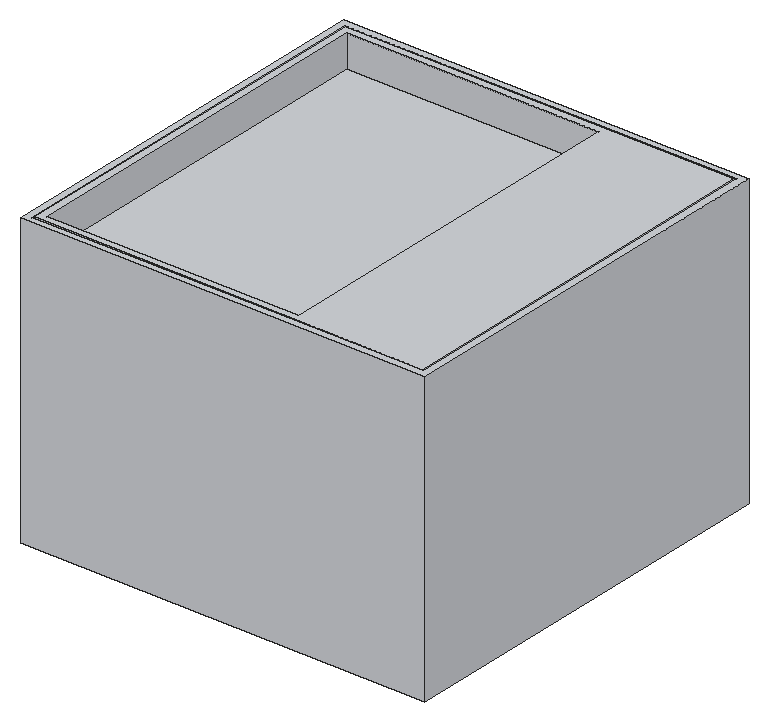
Revit family "ПИК ЭНЕРГО UKE Лючок простой, cерия BS, с выводом для кабеля UKE125 V", category Соединительные детали кабельных лотков, Revit 2015
Parameters (values of type "UKE125 15-V E")
  Спец.ТипМаркаОбозначДокументаСоединителяЛоткаКабельногоКанала = ""
  Спец.ПримечаниеСоединителяЛоткаКабельногоКанала [instance] = ""
  Спец.НаименованиеИТенхХарСоединителяЛоткаКабельногоКанала = "Лючок простой, cерия BS, с выводом для кабеля"  # constant formula
  Спец.МассаТекстСоединителяЛоткаКабельногоКанала = "1.74"
  Спец.КодОборудИзделияМатериалаСоединителяЛоткаКабельногоКанала = "UKE125 15-V E"
  Спец.ИзготовительСоединителяЛоткаКабельногоКанала = "ПИК-ЭНЕРГО"  # constant formula
  Спец.ЕдИзмСоединителяЛоткаКабельногоКанала = "шт."  # constant formula
  Спец.URLСсылкаСоединителяЛоткаКабельногоКанала = "http://www.pik-energo.ru/kompanija/produkcija/details/sistemy-skrytoi-provodki-pod-polom/montazhnye-ljuchki-dlja-zalivnykh-i-pustotnykh-polov/kompakteinzelauslass/uke125-v.html"
  Рзм.t = 2 mm
  Рзм.T = 12 mm
  Рзм.eb = 78 mm
  Рзм.el = 116 mm
  Рзм.L = 125 mm
  Рзм.Hmin = 90 mm
  Рзм.Hmax = Рзм.Hmin + 35 mm  # 125 mm
  Рзм.H = 15 mm
  Рзм.B = 125 mm
  Пр.НаименованиеСоединителяЛоткаКабельногоКанала = "Лючок простой четырёхугольный, из нержавеющей стали для монтажа двух модулей 45x45 мм и\r\nдвух слаботочных модулей"
  Default Elevation = 1219.2 mm
Types (3, lengths in mm): name | Спец.МассаТекстСоединителяЛоткаКабельногоКанала | Спец.КодОборудИзделияМатериалаСоединителяЛоткаКабельногоКанала | Рзм.T | Рзм.Hmin | Рзм.Hmax | Рзм.H | Пр.НаименованиеСоединителяЛоткаКабельногоКанала
  UKE125 15-V E | "1.74" | "UKE125 15-V E" | 12 | 90 | 125 | 15 | "Лючок простой четырёхугольный, из нержавеющей стали для монтажа двух модулей 45x45 мм и\r\nдвух слаботочных модулей"
  UKE125 25-V E | "1.93" | "UKE125 15-V E" | 22 | 100 | 135 | 25 | "Лючок простой четырёхугольный, из нержавеющей стали для монтажа двух модулей 45x45 мм и\r\nдвух слаботочных модулей"
  UKE125 25-V MS | "1.74" | "UKE125 25-V MS" | 22 | 100 | 135 | 25 | "Лючок простой четырёхугольный, из латуни для монтажа двух модулей 45x45 мм и\r\nдвух слаботочных модулей"
Reference planes
  plane 1 "По центру (Вперед/Назад)": y = 0
  plane 2: z = 0
  plane 3 "По центру (Влево/Вправо)": x = 0
  plane 4: z = 0
  plane 5: x = 62.5
  plane 6: x = -62.5
  plane 7: y = 62.5
  plane 8: y = -62.5
  plane 9: z = -12
  plane 10: z = -12
  plane 11: z = -2
  plane 12: z = -15
  plane 13: z = -90
  plane 14: z = -10
Forms (mm)
  Extrusion 1, solid, detail levels medium+fine
    sketch origin (0, 0, 0) x (1, 0, 0) y (0, 1, 0)
      loop
        line (-62.5, 62.5) -> (-62.5, -62.5) -> (62.5, -62.5) -> (62.5, 62.5) -> (-62.5, 62.5)
      loop
        line (-60.5, 60.5) -> (-60.5, -60.5) -> (60.5, -60.5) -> (60.5, 60.5) -> (-60.5, 60.5)
    from -90 to 0
  Extrusion 2, solid, detail levels medium+fine
    sketch origin (0, 0, 0) x (1, 0, 0) y (0, 1, 0)
      loop
        line (-58, 58) -> (-58, -58) -> (20, -58) -> (20, 58) -> (-58, 58)
    from -12 to -10
  Extrusion 3, solid, detail levels medium+fine
    sketch origin (0, 0, 0) x (1, 0, 0) y (0, 1, 0)
      loop
        line (-58, 58) -> (-58, -58) -> (20, -58) -> (20, 58) -> (-58, 58)
      loop
        line (-60, 60) -> (-60, -60) -> (22, -60) -> (22, 60) -> (-60, 60)
    from -12 to 0
  Extrusion 4, solid, detail levels medium+fine
    sketch origin (0, 0, 0) x (1, 0, 0) y (0, 1, 0)
      loop
        line (22, 60) -> (22, -60) -> (60, -60) -> (60, 60) -> (22, 60)
    from -2 to 0
Cuts and joins
  joined: Extrusion 2, Extrusion 3, Extrusion 4
Dimensions and locks
  equal spacing: plane 6, plane 3 "По центру (Влево/Вправо)", plane 5
  equal spacing: plane 7, plane 1 "По центру (Вперед/Назад)", plane 8
  "Рзм.L": plane 7 to plane 8
  "Рзм.B": plane 6 to plane 5
  locked: nested 1 to plane 3 "По центру (Влево/Вправо)" at 30
  locked: nested 1 to plane 1 "По центру (Вперед/Назад)" at 50
  "Рзм.Hmin": level to plane 13
  "Рзм.H": plane 4 to plane 12
  "Рзм.T": level to plane 10
  "Рзм.t": plane 14 to plane 10
  "Рзм.t": level to plane 11
  "Рзм.t": Extrusion 1 sketch curve to plane 5
  "Рзм.t": plane 6 to Extrusion 1 sketch curve
  "Рзм.t": Extrusion 1 sketch curve to plane 8
  "Рзм.t": plane 7 to Extrusion 1 sketch curve
  equal spacing: Extrusion 2 sketch curve, plane 1 "По центру (Вперед/Назад)", Extrusion 2 sketch curve
  "Рзм.el": Extrusion 2 sketch curve to Extrusion 2 sketch curve
  "Рзм.eb": Extrusion 2 sketch curve to Extrusion 2 sketch curve
  "Рзм.t": Extrusion 3 sketch curve to Extrusion 2  (x3)
  "Рзм.t": Extrusion 2 to Extrusion 3 sketch curve
  aligned and locked: level to plane 2
  aligned and locked: level to Extrusion 1
  aligned and locked: plane 9 to plane 10
  aligned and locked: Extrusion 1 to plane 13
  aligned and locked: Extrusion 3 sketch curve to Extrusion 2  (x4)
  aligned and locked: Extrusion 4 sketch curve to Extrusion 3  (x3)
  aligned and locked: Extrusion 4 to plane 11
  aligned and locked: level to Extrusion 4
  aligned and locked: level to Extrusion 3
  aligned and locked: Extrusion 2 to plane 9
  aligned and locked: Extrusion 2 to nested 1
Automatic sketch dimensions
  Extrusion 1 sketch curve to plane 6 = 0 mm
  Extrusion 1 sketch curve to plane 5 = 0 mm
  Extrusion 1 sketch curve to plane 8 = 0 mm
  Extrusion 1 sketch curve to plane 7 = 0 mm
  plane 6 to Extrusion 2 sketch curve = 4.5 mm
  Extrusion 4 sketch curve to plane 5 = 2.5 mm
Nested families
  nested 1: "ПИК ЭНЕРГО PUK" at (-30, -50, -10), type "PUK", detail levels medium+fine
Definition of nested family "ПИК ЭНЕРГО PUK"
  Parameters (values of type "PUK")
    Default Elevation = 1219.2 mm
  Reference planes
    plane 1 "По центру (Вперед/Назад)": y = 0
    plane 2: z = 0
    plane 3 "По центру (Влево/Вправо)": x = 0
    plane 4: z = 0
    plane 5: z = 0
  Forms (mm)
    Extrusion 1, solid
      sketch origin (-0.594, -4.158, 0) x (1, 0, 0) y (0, 1, 0)
        loop
          line (-6.763, 8.317) -> (-10.4, 8.317) -> (-10.4, 0) -> (-9.25, 0) -> (-9.25, 3.336) -> (-6.763, 3.336)
          arc (-6.763, 3.336) -> (-4.272, 5.826) -> (-6.763, 8.317) r 2.49
        loop
          line (-6.821, 7.259) -> (-9.25, 7.259) -> (-9.25, 4.36) -> (-6.821, 4.36)
          arc (-6.821, 4.36) -> (-5.372, 5.809) -> (-6.821, 7.259) r 1.449
        loop
          arc (-2.635, 3.229) -> (0.594, 0) -> (3.822, 3.229) r 3.229
          line (3.822, 3.229) -> (3.822, 8.317) -> (2.622, 8.317) -> (2.622, 3.118)
          arc (2.622, 3.118) -> (0.571, 1.066) -> (-1.481, 3.118) r 2.051
          line (-1.481, 3.118) -> (-1.481, 8.317) -> (-2.635, 8.317) -> (-2.635, 3.229)
        loop
          line (5.464, 8.317) -> (5.464, 0) -> (6.668, 0) -> (6.668, 2.899) -> (7.979, 4.268) -> (11.046, 0) -> (12.469, 0) -> (8.853, 5.088) -> (12.139, 8.317) -> (10.717, 8.317) -> (6.668, 4.375) -> (6.668, 8.317) -> (5.464, 8.317)
      from 0 to 0.8
  Dimensions and locks
    aligned and locked: level to plane 2
    aligned and locked: level to plane 4
    aligned and locked: plane 2 to plane 5
